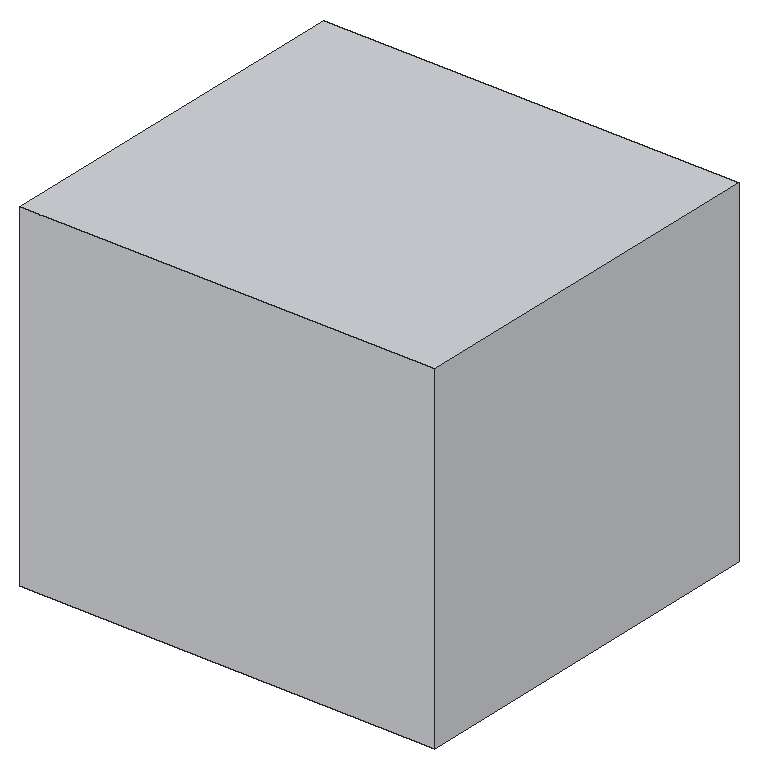
Revit family "Familie2", category Allgemeines Modell, Revit 2024
Family settings
  Kann Basisbauteil für Bewehrung sein = Nein
  Bemaßung runder Anschluss = Durchmesser verwenden
  Teiletyp = Normal
  Arbeitsebenenbasiert = Ja
  Immer vertikal = Ja
  Beim Laden mit Abzugskörper schneiden = Ja
  Beschriftungsausrichtung beibehalten = Nein
  Gemeinsam genutzt = Ja
  Raumberechnungspunkt = Nein
Parameters
  Default Elevation = 1219.2 mm
  Test_Attribut [instance] = 20 mm
Reference planes
  plane 1 "Mitte (Vorne/hinten)": y = 0
  plane 2: z = 0
  plane 3 "Mitte (Links/rechts)": x = 0
Forms (mm)
  Extrusion 1, solid
    sketch origin (0, 0, 0) x (1, 0, 0) y (0, 1, 0)
      loop
        line (0, 0) -> (1220, 0) -> (1220, 1120) -> (0, 1120) -> (0, 0)
    from 0 to 1000
Dimensions and locks
  aligned and locked: level to plane 2
